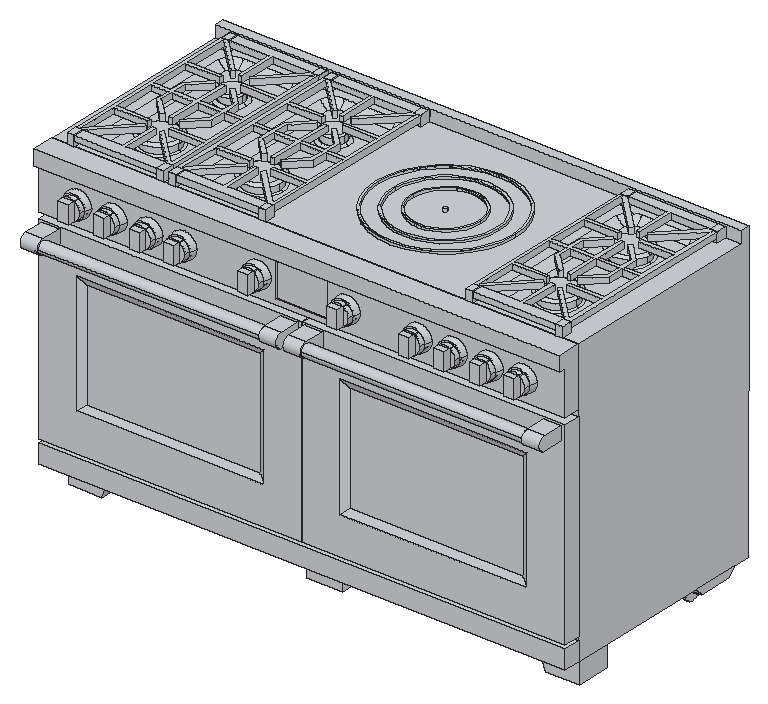
Revit family "DF60650F_S_P", category Generic Models, Revit 2020
Family settings
  Can host rebar = No
  Round Connector Dimension = Use Diameter
  Part Type = Normal
  Work Plane-Based = No
  Always vertical = Yes
  Cut with Voids When Loaded = No
  Shared = No
  Room Calculation Point = No
Parameters
  Default Elevation = 0' - 0"
Reference planes (in)
  plane 1 "Center (Front/Back)": y = 0
  plane 2: z = 0
  plane 3 "Center (Left/Right)": x = 0
Forms (in)
  Extrusion 1, solid
    sketch origin (0, 0, 0) x (0, 1, 0) y (0, 0, 1)
      loop
        line (1.88976, 35.59055) -> (-0.70866, 35.59055) -> (-0.70866, 33.89764) -> (0, 33.89764) -> (0, 28.9252) -> (1.88976, 28.9252) -> (1.88976, 35.59055)
    from 0 to 59.88189
  Extrusion 2, solid
    sketch origin (0, 0, 0) x (0, 1, 0) y (0, 0, 1)
      loop
        line (26.14173, 36.9685) -> (25.15748, 36.9685) -> (25.15748, 35.59055) -> (1.9685, 35.59055) -> (1.9685, 3.14961) -> (26.14173, 3.14961) -> (26.14173, 36.9685)
    from 0 to 59.88189
  Extrusion 3, solid
    sketch origin (0, 0, 0) x (0, 1, 0) y (0, 0, 1)
      loop
        line (1.9685, 5.31496) -> (0, 5.31496) -> (0, 3.14961) -> (1.9685, 3.14961) -> (1.9685, 5.31496)
    from 0 to 59.88189
  Extrusion 4, solid
    sketch origin (0, 0, 0) x (0, 1, 0) y (0, 0, 1)
      loop
        line (0, 28.18898) -> (0, 5.70866) -> (1.9685, 5.70866) -> (1.9685, 28.18898) -> (0, 28.18898)
    from 0 to 29.94095
  Extrusion 5, solid
    sketch origin (0, 0, 0) x (0, 1, 0) y (0, 0, 1)
      loop
        line (0, 26.41732) -> (0, 27.99213) -> (-2.3622, 27.99213)
        arc (-2.3622, 27.99213) -> (-3.14961, 27.20472) -> (-2.3622, 26.41732) r 0.7874
        line (-2.3622, 26.41732) -> (0, 26.41732)
    from 0.40557 to 2.36419
  Extrusion 6, solid
    sketch origin (26.75, 0, 0) x (0, 1, 0) y (0, 0, 1)
      loop
        line (0, 26.41732) -> (0, 27.99213) -> (-2.3622, 27.99213)
        arc (-2.3622, 27.99213) -> (-3.14961, 27.20472) -> (-2.3622, 26.41732) r 0.7874
        line (-2.3622, 26.41732) -> (0, 26.41732)
    from 0.82874 to 2.76772
  Extrusion 7, solid
    sketch origin (0, 0, 0) x (0, 1, 0) y (0, 0, 1)
      loop
        circle (-2.41707, 27.24489) r 0.66649
    from 1.8261 to 27.57874
  Extrusion 8, solid
    sketch origin (0, 0, 0) x (1, 0, 0) y (0, 0, 1)
      loop
        line (0.84646, 3.14961) -> (0.84646, 0) -> (4.66535, 0) -> (5.90551, 3.14961) -> (0.84646, 3.14961)
    from -7.02923 to -3.18791
  Extrusion 9, solid
    sketch origin (30, 0, 0) x (1, 0, 0) y (0, 0, 1)
      loop
        line (23.97638, 3.14961) -> (25.21654, 0) -> (29.03543, 0) -> (29.03543, 3.14961) -> (23.97638, 3.14961)
    from -7.02923 to -3.18791
  Extrusion 10, solid
    sketch origin (0, 0, 0) x (0, 1, 0) y (0, 0, 1)
      loop
        line (24.17323, 3.14961) -> (18.66142, 3.14961) -> (19.45248, 2.27893) -> (23.38927, 2.27893) -> (24.17323, 3.14961)
    from 0 to 4.72441
  Extrusion 11, solid
    sketch origin (0, 0, 0) x (0, 1, 0) y (0, 0, 1)
      loop
        line (22.5954, 2.27893) -> (20.23924, 2.27893) -> (21.02362, 1.10236) -> (21.81102, 1.10236) -> (22.5954, 2.27893)
    from 1.5748 to 3.93701
  Extrusion 12, solid
    sketch origin (0, 0, 0) x (0, 1, 0) y (0, 0, 1)
      loop
        circle (21.41732, 1.10236) r 1.1236
    from 2.55906 to 2.95276
  Extrusion 13, solid
    sketch origin (55.15748, 0, 0) x (0, 1, 0) y (0, 0, 1)
      loop
        line (24.17323, 3.14961) -> (18.66142, 3.14961) -> (19.45248, 2.27893) -> (23.38927, 2.27893) -> (24.17323, 3.14961)
    from 0 to 4.72441
  Extrusion 14, solid
    sketch origin (54.3731, 0, 0) x (0, 1, 0) y (0, 0, 1)
      loop
        line (22.5954, 2.27893) -> (20.23924, 2.27893) -> (21.02362, 1.10236) -> (21.81102, 1.10236) -> (22.5954, 2.27893)
    from 1.5748 to 3.93701
  Extrusion 15, solid
    sketch origin (54.3731, 0, 0) x (0, 1, 0) y (0, 0, 1)
      loop
        circle (21.41732, 1.10236) r 1.1236
    from 2.55906 to 2.95276
  Blend 16, solid
    base sketch origin (0.90551, 0, 0) x (1, 0, 0) y (0, 0, 1)
      loop
        circle (3.62205, 31.31299) r 1.45314
    top sketch origin (0.90551, 0, 0) x (1, 0, 0) y (0, 0, 1)
      loop
        circle (3.62205, 31.31299) r 1.33532
    from 0 to 0.7874
  Extrusion 17, solid
    sketch origin (0.90551, 0, 0) x (1, 0, 0) y (0, 0, 1)
      loop
        circle (3.62205, 31.31299) r 1.21601
    from 0 to 1.37795
  Extrusion 18, solid
    sketch origin (0.90551, 0, 0) x (1, 0, 0) y (0, 0, 1)
      loop
        line (3.0315, 32.37598) -> (3.0315, 30.29013) -> (4.2126, 30.29013) -> (4.2126, 32.37598) -> (3.0315, 32.37598)
    from 0 to 2.15573
  Blend 19, solid, not visible
    base sketch origin (0, 0, 0) x (1, 0, 0) y (0, 0, 1)
      loop
        circle (3.62205, 31.31299) r 1.45314
    top sketch origin (0, 0, 0) x (1, 0, 0) y (0, 0, 1)
      loop
        circle (3.62205, 31.31299) r 1.33532
    from 0 to 0.7874
  Extrusion 20, solid, not visible
    sketch origin (0, 0, 0) x (1, 0, 0) y (0, 0, 1)
      loop
        circle (3.62205, 31.31299) r 1.21601
    from 0 to 1.37795
  Extrusion 21, solid, not visible
    sketch origin (0, 0, 0) x (1, 0, 0) y (0, 0, 1)
      loop
        line (3.0315, 32.37598) -> (3.0315, 30.29013) -> (4.2126, 30.29013) -> (4.2126, 32.37598) -> (3.0315, 32.37598)
    from 0 to 2.15573
  Blend 22, solid
    base sketch origin (4.92126, 0, 0) x (1, 0, 0) y (0, 0, 1)
      loop
        circle (3.62205, 31.31299) r 1.45314
    top sketch origin (4.92126, 0, 0) x (1, 0, 0) y (0, 0, 1)
      loop
        circle (3.62205, 31.31299) r 1.33532
    from 0 to 0.7874
  Extrusion 23, solid
    sketch origin (4.92126, 0, 0) x (1, 0, 0) y (0, 0, 1)
      loop
        circle (3.62205, 31.31299) r 1.21601
    from 0 to 1.37795
  Extrusion 24, solid
    sketch origin (4.92126, 0, 0) x (1, 0, 0) y (0, 0, 1)
      loop
        line (3.0315, 32.37598) -> (3.0315, 30.29013) -> (4.2126, 30.29013) -> (4.2126, 32.37598) -> (3.0315, 32.37598)
    from 0 to 2.15573
  Blend 25, solid
    base sketch origin (9.00306, 0, 0) x (1, 0, 0) y (0, 0, 1)
      loop
        circle (3.62205, 31.31299) r 1.45314
    top sketch origin (9.00306, 0, 0) x (1, 0, 0) y (0, 0, 1)
      loop
        circle (3.62205, 31.31299) r 1.33532
    from 0 to 0.7874
  Extrusion 26, solid
    sketch origin (9.00306, 0, 0) x (1, 0, 0) y (0, 0, 1)
      loop
        circle (3.62205, 31.31299) r 1.21601
    from 0 to 1.37795
  Extrusion 27, solid
    sketch origin (9.00306, 0, 0) x (1, 0, 0) y (0, 0, 1)
      loop
        line (3.0315, 32.37598) -> (3.0315, 30.29013) -> (4.2126, 30.29013) -> (4.2126, 32.37598) -> (3.0315, 32.37598)
    from 0 to 2.15573
  Blend 28, solid
    base sketch origin (12.87907, 0, 0) x (1, 0, 0) y (0, 0, 1)
      loop
        circle (3.62205, 31.31299) r 1.45314
    top sketch origin (12.87907, 0, 0) x (1, 0, 0) y (0, 0, 1)
      loop
        circle (3.62205, 31.31299) r 1.33532
    from 0 to 0.7874
  Extrusion 29, solid
    sketch origin (12.87907, 0, 0) x (1, 0, 0) y (0, 0, 1)
      loop
        circle (3.62205, 31.31299) r 1.21601
    from 0 to 1.37795
  Extrusion 30, solid
    sketch origin (12.87907, 0, 0) x (1, 0, 0) y (0, 0, 1)
      loop
        line (3.0315, 32.37598) -> (3.0315, 30.29013) -> (4.2126, 30.29013) -> (4.2126, 32.37598) -> (3.0315, 32.37598)
    from 0 to 2.15573
  Blend 31, solid
    base sketch origin (21.34072, 0, 0) x (1, 0, 0) y (0, 0, 1)
      loop
        circle (3.62205, 31.31299) r 1.45314
    top sketch origin (21.34072, 0, 0) x (1, 0, 0) y (0, 0, 1)
      loop
        circle (3.62205, 31.31299) r 1.33532
    from 0 to 0.7874
  Extrusion 32, solid
    sketch origin (21.34072, 0, 0) x (1, 0, 0) y (0, 0, 1)
      loop
        circle (3.62205, 31.31299) r 1.21601
    from 0 to 1.37795
  Extrusion 33, solid
    sketch origin (21.34072, 0, 0) x (1, 0, 0) y (0, 0, 1)
      loop
        line (3.0315, 32.37598) -> (3.0315, 30.29013) -> (4.2126, 30.29013) -> (4.2126, 32.37598) -> (3.0315, 32.37598)
    from 0 to 2.15573
  Extrusion 34, void
    sketch origin (0, 0, 0) x (1, 0, 0) y (0, 0, 1)
      loop
        line (32.92469, 33.47638) -> (26.96054, 33.47638) -> (26.96054, 29.46063) -> (32.92469, 29.46063) -> (32.92469, 33.47638)
    from -0.22861 to 12
  Blend 35, void
    base sketch origin (0, 0, 0) x (1, 0, 0) y (0, 0, 1)
      loop
        line (5.09843, 23.05118) -> (5.09843, 10.84646) -> (24.83268, 10.84646) -> (24.83268, 23.05118) -> (5.09843, 23.05118)
    top sketch origin (0, 0, 0) x (1, 0, 0) y (0, 0, 1)
      loop
        line (25.62008, 23.83858) -> (4.31102, 23.83858) -> (4.31102, 10.05905) -> (25.62008, 10.05905) -> (25.62008, 23.83858)
    from -0.3937 to 0
  Blend 36, void
    base sketch origin (0.17716, 0, 0) x (1, 0, 0) y (0, 1, 0)
      loop
        arc (4.14855, 22.95276) -> (3.56747, 22.71206) -> (3.32677, 22.13098) r 0.82178
        line (3.32677, 22.13098) -> (3.32677, 4.8769)
        arc (3.32677, 4.8769) -> (3.56747, 4.29581) -> (4.14855, 4.05512) r 0.82178
        line (4.14855, 4.05512) -> (9.98531, 4.05512)
        arc (9.98531, 4.05512) -> (10.56639, 4.29581) -> (10.80709, 4.8769) r 0.82178
        line (10.80709, 4.8769) -> (10.80709, 22.13098)
        arc (10.80709, 22.13098) -> (10.56639, 22.71206) -> (9.98531, 22.95276) r 0.82178
        line (9.98531, 22.95276) -> (4.14855, 22.95276)
    top sketch origin (0.17716, 0, 0) x (1, 0, 0) y (0, 1, 0)
      loop
        arc (4.12346, 23.74016) -> (2.98272, 23.26764) -> (2.5102, 22.1269) r 1.61326
        line (2.5102, 22.1269) -> (2.5102, 4.8769)
        arc (2.5102, 4.8769) -> (2.98101, 3.74026) -> (4.11765, 3.26945) r 1.60744
        line (4.11765, 3.26945) -> (10.0306, 3.26945)
        arc (10.0306, 3.26945) -> (11.13644, 3.7275) -> (11.59449, 4.83334) r 1.56388
        line (11.59449, 4.83334) -> (11.59449, 22.13098)
        arc (11.59449, 22.13098) -> (11.12317, 23.26884) -> (9.98531, 23.74016) r 1.60918
        line (9.98531, 23.74016) -> (4.12346, 23.74016)
    from 34.80848 to 35.59055
  Extrusion 37, solid
    sketch origin (0.17716, 0, 0) x (1, 0, 0) y (0, 1, 0)
      loop
        line (1.55512, 25.15748) -> (1.55512, 1.88976) -> (12.57874, 1.88976) -> (12.57874, 25.15748) -> (1.55512, 25.15748)
      loop
        line (2.22659, 23.93701) -> (6.25887, 19.90473) -> (5.97639, 19.62225) -> (1.94342, 23.65522) -> (1.94342, 18.58268) -> (5.88583, 18.58268) -> (5.88583, 18.18898) -> (1.94342, 18.18898) -> (1.94342, 13.70079) -> (3.91732, 13.70079) -> (3.91732, 15.35713) -> (5.94192, 17.38172) -> (6.22031, 17.10333) -> (4.31102, 15.19405) -> (4.31102, 13.70079) -> (6.87008, 13.70079) -> (6.87008, 17.27886) -> (7.26545, 17.27886) -> (7.26545, 13.70079) -> (9.82036, 13.70079) -> (9.82036, 15.19738) -> (7.91548, 17.10225) -> (8.19345, 17.38021) -> (10.21654, 15.35713) -> (10.21654, 13.70079) -> (12.18504, 13.70079) -> (12.18504, 18.18898) -> (8.24803, 18.18898) -> (8.24803, 18.58268) -> (12.18504, 18.58268) -> (12.18504, 23.65908) -> (8.15161, 19.62565) -> (7.86344, 19.91382) -> (11.88664, 23.93701) -> (7.26378, 23.93701) -> (7.26378, 19.6063) -> (6.87008, 19.6063) -> (6.87008, 23.93701) -> (2.22659, 23.93701)
      loop
        line (9.82036, 11.79288) -> (9.82036, 13.30709) -> (7.26545, 13.30709) -> (7.26545, 9.74409) -> (6.87008, 9.74409) -> (6.87008, 13.30709) -> (4.31102, 13.30709) -> (4.31102, 11.81382) -> (6.22187, 9.90297) -> (5.94348, 9.62459) -> (3.91732, 11.65075) -> (3.91732, 13.31073) -> (1.94342, 13.31073) -> (1.94342, 8.38583) -> (5.88583, 8.38583) -> (5.88583, 7.99213) -> (1.94342, 7.99213) -> (1.94342, 3.37305) -> (5.97438, 7.40401) -> (6.26736, 7.11102) -> (2.22655, 3.07021) -> (6.86986, 3.07021) -> (6.86986, 7.40401) -> (7.26545, 7.40401) -> (7.26545, 3.07021) -> (11.90457, 3.07021) -> (7.84812, 7.12666) -> (8.11918, 7.39772) -> (12.18504, 3.33186) -> (12.18504, 7.99213) -> (8.24803, 7.99213) -> (8.24803, 8.38583) -> (12.18504, 8.38583) -> (12.18504, 13.30709) -> (10.21654, 13.30709) -> (10.21654, 11.65075) -> (8.19038, 9.62459) -> (7.92122, 9.89374) -> (9.82036, 11.79288)
    from 36.10253 to 36.77165
  Extrusion 38, solid
    sketch origin (0.17716, 0, 0) x (1, 0, 0) y (0, 1, 0)
      loop
        line (11.79134, 3.07021) -> (11.79134, 1.88976) -> (12.57874, 1.88976) -> (12.57874, 3.07021) -> (11.79134, 3.07021)
      loop
        line (12.57874, 25.11811) -> (11.79134, 25.11811) -> (11.79134, 23.93701) -> (12.57874, 23.93701) -> (12.57874, 25.11811)
      loop
        line (1.55512, 25.11811) -> (1.55512, 23.93701) -> (2.34252, 23.93701) -> (2.34252, 25.11811) -> (1.55512, 25.11811)
      loop
        line (2.34252, 3.07021) -> (1.55512, 3.07021) -> (1.55512, 1.88976) -> (2.34252, 1.88976) -> (2.34252, 3.07021)
    from 35.59055 to 36.77165
  Extrusion 39, solid
    sketch origin (45.5315, 0, 0) x (1, 0, 0) y (0, 1, 0)
      loop
        line (11.79134, 3.07021) -> (11.79134, 1.88976) -> (12.57874, 1.88976) -> (12.57874, 3.07021) -> (11.79134, 3.07021)
      loop
        line (12.57874, 25.11811) -> (11.79134, 25.11811) -> (11.79134, 23.93701) -> (12.57874, 23.93701) -> (12.57874, 25.11811)
      loop
        line (1.55512, 25.11811) -> (1.55512, 23.93701) -> (2.34252, 23.93701) -> (2.34252, 25.11811) -> (1.55512, 25.11811)
      loop
        line (2.34252, 3.07021) -> (1.55512, 3.07021) -> (1.55512, 1.88976) -> (2.34252, 1.88976) -> (2.34252, 3.07021)
    from 35.59055 to 36.77165
  Blend 40, solid
    base sketch origin (0.17716, 0, 0) x (1, 0, 0) y (0, 1, 0)
      loop
        circle (7.09071, 18.35456) r 1.75898
    top sketch origin (0.17716, 0, 0) x (1, 0, 0) y (0, 1, 0)
      loop
        circle (7.09071, 18.35456) r 1.42487
    from 34.80848 to 34.99711
  Blend 41, solid
    base sketch origin (0.17716, -10.19685, 0) x (1, 0, 0) y (0, 1, 0)
      loop
        circle (7.09071, 18.35456) r 2.38325
    top sketch origin (0.17716, -10.19685, 0) x (1, 0, 0) y (0, 1, 0)
      loop
        circle (7.09071, 18.35456) r 2
    from 34.80848 to 34.99711
  Extrusion 42, solid
    sketch origin (0.17716, 0, 0) x (1, 0, 0) y (0, 1, 0)
      loop
        circle (7.10752, 18.34098) r 1.28657
    from 34.80848 to 35.7874
  Extrusion 43, solid
    sketch origin (0.17716, -10.19685, 0) x (1, 0, 0) y (0, 1, 0)
      loop
        circle (7.10752, 18.34098) r 2.08832
    from 34.80848 to 35.7874
  Blend 44, solid
    base sketch origin (0.17716, 0, 0.97892) x (1, 0, 0) y (0, 1, 0)
      loop
        circle (7.09071, 18.35456) r 1.42487
    top sketch origin (0.17716, 0, 0.97892) x (1, 0, 0) y (0, 1, 0)
      loop
        circle (7.09071, 18.35456) r 1.25
    from 34.80848 to 34.99711
  Blend 45, solid
    base sketch origin (0.17716, -10.19685, 0.97892) x (1, 0, 0) y (0, 1, 0)
      loop
        circle (7.09071, 18.35456) r 2.38325
    top sketch origin (0.17716, -10.19685, 0.97892) x (1, 0, 0) y (0, 1, 0)
      loop
        circle (7.09071, 18.35456) r 2
    from 34.80848 to 34.99711
  Extrusion 46, solid
    sketch origin (27.97244, 0, 0) x (0, 1, 0) y (0, 0, 1)
      loop
        line (24.17323, 3.14961) -> (18.66142, 3.14961) -> (19.45248, 2.27893) -> (23.38927, 2.27893) -> (24.17323, 3.14961)
    from -0.7874 to 4.72441
  Extrusion 47, solid
    sketch origin (27.18504, 0, 0) x (0, 1, 0) y (0, 0, 1)
      loop
        line (22.5954, 2.27893) -> (20.23924, 2.27893) -> (21.02362, 1.10236) -> (21.81102, 1.10236) -> (22.5954, 2.27893)
    from 1.5748 to 3.93701
  Extrusion 48, solid
    sketch origin (27.18504, 0, 0) x (0, 1, 0) y (0, 0, 1)
      loop
        circle (21.41732, 1.10236) r 1.1236
    from 2.55906 to 2.95276
  Extrusion 49, solid
    sketch origin (12.14567, 0, 0) x (1, 0, 0) y (0, 0, 1)
      loop
        line (15.82677, 0) -> (19.96063, 0) -> (19.96063, 3.14961) -> (15.82677, 3.14961) -> (15.82677, 0)
    from -7.02923 to -3.18791
  Extrusion 50, solid
    sketch origin (30, 0, 0) x (0, 1, 0) y (0, 0, 1)
      loop
        line (0, 28.18898) -> (0, 5.70866) -> (1.9685, 5.70866) -> (1.9685, 28.18898) -> (0, 28.18898)
    from -0.05905 to 29.88189
  Blend 51, void
    base sketch origin (30, 0, 0) x (1, 0, 0) y (0, 0, 1)
      loop
        line (5.04921, 23.05118) -> (5.04921, 10.84646) -> (24.77362, 10.84646) -> (24.77362, 23.05118) -> (5.04921, 23.05118)
    top sketch origin (30, 0, 0) x (1, 0, 0) y (0, 0, 1)
      loop
        line (25.56103, 23.83858) -> (4.26181, 23.83858) -> (4.26181, 10.05905) -> (25.56103, 10.05905) -> (25.56103, 23.83858)
    from -0.3937 to 0
  Extrusion 52, solid
    sketch origin (30.06421, 0, 0) x (0, 1, 0) y (0, 0, 1)
      loop
        line (0, 26.41732) -> (0, 27.99213) -> (-2.3622, 27.99213)
        arc (-2.3622, 27.99213) -> (-3.14961, 27.20472) -> (-2.3622, 26.41732) r 0.7874
        line (-2.3622, 26.41732) -> (0, 26.41732)
    from 0.27044 to 2.23894
  Extrusion 53, solid
    sketch origin (56.81421, 0, 0) x (0, 1, 0) y (0, 0, 1)
      loop
        line (0, 26.41732) -> (0, 27.99213) -> (-2.3622, 27.99213)
        arc (-2.3622, 27.99213) -> (-3.14961, 27.20472) -> (-2.3622, 26.41732) r 0.7874
        line (-2.3622, 26.41732) -> (0, 26.41732)
    from 0.7132 to 2.67398
  Extrusion 54, solid
    sketch origin (30.06421, 0, 0) x (0, 1, 0) y (0, 0, 1)
      loop
        circle (-2.41707, 27.24489) r 0.66649
    from 1.91641 to 27.4632
  Blend 55, solid
    base sketch origin (31.48989, 0, 0) x (1, 0, 0) y (0, 0, 1)
      loop
        circle (3.62205, 31.31299) r 1.45314
    top sketch origin (31.48989, 0, 0) x (1, 0, 0) y (0, 0, 1)
      loop
        circle (3.62205, 31.31299) r 1.33532
    from 0 to 0.7874
  Extrusion 56, solid
    sketch origin (31.48989, 0, 0) x (1, 0, 0) y (0, 0, 1)
      loop
        circle (3.62205, 31.31299) r 1.21601
    from 0 to 1.37795
  Extrusion 57, solid
    sketch origin (31.48989, 0, 0) x (1, 0, 0) y (0, 0, 1)
      loop
        line (3.0315, 32.37598) -> (3.0315, 30.29013) -> (4.2126, 30.29013) -> (4.2126, 32.37598) -> (3.0315, 32.37598)
    from 0 to 2.15573
  Blend 58, void, not visible
    base sketch origin (-0.55118, 0, 0) x (1, 0, 0) y (0, 1, 0)
      loop
        arc (4.14855, 22.95276) -> (3.56747, 22.71206) -> (3.32677, 22.13098) r 0.82178
        line (3.32677, 22.13098) -> (3.32677, 4.8769)
        arc (3.32677, 4.8769) -> (3.56747, 4.29581) -> (4.14855, 4.05512) r 0.82178
        line (4.14855, 4.05512) -> (9.98531, 4.05512)
        arc (9.98531, 4.05512) -> (10.56639, 4.29581) -> (10.80709, 4.8769) r 0.82178
        line (10.80709, 4.8769) -> (10.80709, 22.13098)
        arc (10.80709, 22.13098) -> (10.56639, 22.71206) -> (9.98531, 22.95276) r 0.82178
        line (9.98531, 22.95276) -> (4.14855, 22.95276)
    top sketch origin (-0.55118, 0, 0) x (1, 0, 0) y (0, 1, 0)
      loop
        arc (4.12346, 23.74016) -> (2.98272, 23.26764) -> (2.5102, 22.1269) r 1.61326
        line (2.5102, 22.1269) -> (2.5102, 4.8769)
        arc (2.5102, 4.8769) -> (2.98101, 3.74026) -> (4.11765, 3.26945) r 1.60744
        line (4.11765, 3.26945) -> (10.0306, 3.26945)
        arc (10.0306, 3.26945) -> (11.13644, 3.7275) -> (11.59449, 4.83334) r 1.56388
        line (11.59449, 4.83334) -> (11.59449, 22.13098)
        arc (11.59449, 22.13098) -> (11.12317, 23.26884) -> (9.98531, 23.74016) r 1.60918
        line (9.98531, 23.74016) -> (4.12346, 23.74016)
    from 34.80848 to 35.59055
  Extrusion 59, solid, not visible
    sketch origin (-0.55118, 0, 0) x (1, 0, 0) y (0, 1, 0)
      loop
        line (1.55512, 25.15748) -> (1.55512, 1.88976) -> (12.57874, 1.88976) -> (12.57874, 25.15748) -> (1.55512, 25.15748)
      loop
        line (2.22659, 23.93701) -> (6.25887, 19.90473) -> (5.97639, 19.62225) -> (1.94342, 23.65522) -> (1.94342, 18.58268) -> (5.88583, 18.58268) -> (5.88583, 18.18898) -> (1.94342, 18.18898) -> (1.94342, 13.70079) -> (3.91732, 13.70079) -> (3.91732, 15.35713) -> (5.94192, 17.38172) -> (6.22031, 17.10333) -> (4.31102, 15.19405) -> (4.31102, 13.70079) -> (6.87008, 13.70079) -> (6.87008, 17.27886) -> (7.26545, 17.27886) -> (7.26545, 13.70079) -> (9.82036, 13.70079) -> (9.82036, 15.19738) -> (7.91548, 17.10225) -> (8.19345, 17.38021) -> (10.21654, 15.35713) -> (10.21654, 13.70079) -> (12.18504, 13.70079) -> (12.18504, 18.18898) -> (8.24803, 18.18898) -> (8.24803, 18.58268) -> (12.18504, 18.58268) -> (12.18504, 23.65908) -> (8.15161, 19.62565) -> (7.86344, 19.91382) -> (11.88664, 23.93701) -> (7.26378, 23.93701) -> (7.26378, 19.6063) -> (6.87008, 19.6063) -> (6.87008, 23.93701) -> (2.22659, 23.93701)
      loop
        line (9.82036, 11.79288) -> (9.82036, 13.30709) -> (7.26545, 13.30709) -> (7.26545, 9.74409) -> (6.87008, 9.74409) -> (6.87008, 13.30709) -> (4.31102, 13.30709) -> (4.31102, 11.81382) -> (6.22187, 9.90297) -> (5.94348, 9.62459) -> (3.91732, 11.65075) -> (3.91732, 13.31073) -> (1.94342, 13.31073) -> (1.94342, 8.38583) -> (5.88583, 8.38583) -> (5.88583, 7.99213) -> (1.94342, 7.99213) -> (1.94342, 3.37305) -> (5.97438, 7.40401) -> (6.26736, 7.11102) -> (2.22655, 3.07021) -> (6.86986, 3.07021) -> (6.86986, 7.40401) -> (7.26545, 7.40401) -> (7.26545, 3.07021) -> (11.90457, 3.07021) -> (7.84812, 7.12666) -> (8.11918, 7.39772) -> (12.18504, 3.33186) -> (12.18504, 7.99213) -> (8.24803, 7.99213) -> (8.24803, 8.38583) -> (12.18504, 8.38583) -> (12.18504, 13.30709) -> (10.21654, 13.30709) -> (10.21654, 11.65075) -> (8.19038, 9.62459) -> (7.92122, 9.89374) -> (9.82036, 11.79288)
    from 36.10253 to 36.77165
  Extrusion 60, solid, not visible
    sketch origin (-0.55118, 0, 0) x (1, 0, 0) y (0, 1, 0)
      loop
        line (11.79134, 3.07021) -> (11.79134, 1.88976) -> (12.57874, 1.88976) -> (12.57874, 3.07021) -> (11.79134, 3.07021)
      loop
        line (12.57874, 25.11811) -> (11.79134, 25.11811) -> (11.79134, 23.93701) -> (12.57874, 23.93701) -> (12.57874, 25.11811)
      loop
        line (1.55512, 25.11811) -> (1.55512, 23.93701) -> (2.34252, 23.93701) -> (2.34252, 25.11811) -> (1.55512, 25.11811)
      loop
        line (2.34252, 3.07021) -> (1.55512, 3.07021) -> (1.55512, 1.88976) -> (2.34252, 1.88976) -> (2.34252, 3.07021)
    from 35.59055 to 36.77165
  Blend 61, solid, not visible
    base sketch origin (-0.55118, 0, 0) x (1, 0, 0) y (0, 1, 0)
      loop
        circle (7.09071, 18.35456) r 1.75898
    top sketch origin (-0.55118, 0, 0) x (1, 0, 0) y (0, 1, 0)
      loop
        circle (7.09071, 18.35456) r 1.42487
    from 34.80848 to 34.99711
  Blend 62, solid, not visible
    base sketch origin (-0.55118, -10.19685, 0) x (1, 0, 0) y (0, 1, 0)
      loop
        circle (7.09071, 18.35456) r 2.38325
    top sketch origin (-0.55118, -10.19685, 0) x (1, 0, 0) y (0, 1, 0)
      loop
        circle (7.09071, 18.35456) r 2
    from 34.80848 to 34.99711
  Extrusion 63, solid, not visible
    sketch origin (-0.55118, 0, 0) x (1, 0, 0) y (0, 1, 0)
      loop
        circle (7.10752, 18.34098) r 1.28657
    from 34.80848 to 35.7874
  Extrusion 64, solid, not visible
    sketch origin (-0.55118, -10.19685, 0) x (1, 0, 0) y (0, 1, 0)
      loop
        circle (7.10752, 18.34098) r 2.08832
    from 34.80848 to 35.7874
  Blend 65, solid, not visible
    base sketch origin (-0.55118, 0, 0.97892) x (1, 0, 0) y (0, 1, 0)
      loop
        circle (7.09071, 18.35456) r 1.42487
    top sketch origin (-0.55118, 0, 0.97892) x (1, 0, 0) y (0, 1, 0)
      loop
        circle (7.09071, 18.35456) r 1.25
    from 34.80848 to 34.99711
  Blend 66, solid, not visible
    base sketch origin (-0.55118, -10.19685, 0.97892) x (1, 0, 0) y (0, 1, 0)
      loop
        circle (7.09071, 18.35456) r 2.38325
    top sketch origin (-0.55118, -10.19685, 0.97892) x (1, 0, 0) y (0, 1, 0)
      loop
        circle (7.09071, 18.35456) r 2
    from 34.80848 to 34.99711
  Blend 67, solid
    base sketch origin (39.65551, 0, 0) x (1, 0, 0) y (0, 0, 1)
      loop
        circle (3.62205, 31.31299) r 1.45314
    top sketch origin (39.65551, 0, 0) x (1, 0, 0) y (0, 0, 1)
      loop
        circle (3.62205, 31.31299) r 1.33532
    from 0 to 0.7874
  Extrusion 68, solid
    sketch origin (39.65551, 0, 0) x (1, 0, 0) y (0, 0, 1)
      loop
        circle (3.62205, 31.31299) r 1.21601
    from 0 to 1.37795
  Extrusion 69, solid
    sketch origin (39.65551, 0, 0) x (1, 0, 0) y (0, 0, 1)
      loop
        line (3.0315, 32.37598) -> (3.0315, 30.29013) -> (4.2126, 30.29013) -> (4.2126, 32.37598) -> (3.0315, 32.37598)
    from 0 to 2.15573
  Blend 70, solid
    base sketch origin (43.67126, 0, 0) x (1, 0, 0) y (0, 0, 1)
      loop
        circle (3.62205, 31.31299) r 1.45314
    top sketch origin (43.67126, 0, 0) x (1, 0, 0) y (0, 0, 1)
      loop
        circle (3.62205, 31.31299) r 1.33532
    from 0 to 0.7874
  Extrusion 71, solid
    sketch origin (43.67126, 0, 0) x (1, 0, 0) y (0, 0, 1)
      loop
        circle (3.62205, 31.31299) r 1.21601
    from 0 to 1.37795
  Extrusion 72, solid
    sketch origin (43.67126, 0, 0) x (1, 0, 0) y (0, 0, 1)
      loop
        line (3.0315, 32.37598) -> (3.0315, 30.29013) -> (4.2126, 30.29013) -> (4.2126, 32.37598) -> (3.0315, 32.37598)
    from 0 to 2.15573
  Blend 73, solid
    base sketch origin (47.75306, 0, 0) x (1, 0, 0) y (0, 0, 1)
      loop
        circle (3.62205, 31.31299) r 1.45314
    top sketch origin (47.75306, 0, 0) x (1, 0, 0) y (0, 0, 1)
      loop
        circle (3.62205, 31.31299) r 1.33532
    from 0 to 0.7874
  Extrusion 74, solid
    sketch origin (47.75306, 0, 0) x (1, 0, 0) y (0, 0, 1)
      loop
        circle (3.62205, 31.31299) r 1.21601
    from 0 to 1.37795
  Extrusion 75, solid
    sketch origin (47.75306, 0, 0) x (1, 0, 0) y (0, 0, 1)
      loop
        line (3.0315, 32.37598) -> (3.0315, 30.29013) -> (4.2126, 30.29013) -> (4.2126, 32.37598) -> (3.0315, 32.37598)
    from 0 to 2.15573
  Blend 76, solid
    base sketch origin (51.62907, 0, 0) x (1, 0, 0) y (0, 0, 1)
      loop
        circle (3.62205, 31.31299) r 1.45314
    top sketch origin (51.62907, 0, 0) x (1, 0, 0) y (0, 0, 1)
      loop
        circle (3.62205, 31.31299) r 1.33532
    from 0 to 0.7874
  Extrusion 77, solid
    sketch origin (51.62907, 0, 0) x (1, 0, 0) y (0, 0, 1)
      loop
        circle (3.62205, 31.31299) r 1.21601
    from 0 to 1.37795
  Extrusion 78, solid
    sketch origin (51.62907, 0, 0) x (1, 0, 0) y (0, 0, 1)
      loop
        line (3.0315, 32.37598) -> (3.0315, 30.29013) -> (4.2126, 30.29013) -> (4.2126, 32.37598) -> (3.0315, 32.37598)
    from 0 to 2.15573
  Extrusion 79, solid
    sketch origin (11.76772, 0, 0) x (1, 0, 0) y (0, 1, 0)
      loop
        line (1.55512, 25.15748) -> (1.55512, 1.88976) -> (12.57874, 1.88976) -> (12.57874, 25.15748) -> (1.55512, 25.15748)
      loop
        line (2.22659, 23.93701) -> (6.25887, 19.90473) -> (5.97639, 19.62225) -> (1.94342, 23.65522) -> (1.94342, 18.58268) -> (5.88583, 18.58268) -> (5.88583, 18.18898) -> (1.94342, 18.18898) -> (1.94342, 13.70079) -> (3.91732, 13.70079) -> (3.91732, 15.35713) -> (5.94192, 17.38172) -> (6.22031, 17.10333) -> (4.31102, 15.19405) -> (4.31102, 13.70079) -> (6.87008, 13.70079) -> (6.87008, 17.27886) -> (7.26545, 17.27886) -> (7.26545, 13.70079) -> (9.82036, 13.70079) -> (9.82036, 15.19738) -> (7.91548, 17.10225) -> (8.19345, 17.38021) -> (10.21654, 15.35713) -> (10.21654, 13.70079) -> (12.18504, 13.70079) -> (12.18504, 18.18898) -> (8.24803, 18.18898) -> (8.24803, 18.58268) -> (12.18504, 18.58268) -> (12.18504, 23.65908) -> (8.15161, 19.62565) -> (7.86344, 19.91382) -> (11.88664, 23.93701) -> (7.26378, 23.93701) -> (7.26378, 19.6063) -> (6.87008, 19.6063) -> (6.87008, 23.93701) -> (2.22659, 23.93701)
      loop
        line (9.82036, 11.79288) -> (9.82036, 13.30709) -> (7.26545, 13.30709) -> (7.26545, 9.74409) -> (6.87008, 9.74409) -> (6.87008, 13.30709) -> (4.31102, 13.30709) -> (4.31102, 11.81382) -> (6.22187, 9.90297) -> (5.94348, 9.62459) -> (3.91732, 11.65075) -> (3.91732, 13.31073) -> (1.94342, 13.31073) -> (1.94342, 8.38583) -> (5.88583, 8.38583) -> (5.88583, 7.99213) -> (1.94342, 7.99213) -> (1.94342, 3.37305) -> (5.97438, 7.40401) -> (6.26736, 7.11102) -> (2.22655, 3.07021) -> (6.86986, 3.07021) -> (6.86986, 7.40401) -> (7.26545, 7.40401) -> (7.26545, 3.07021) -> (11.90457, 3.07021) -> (7.84812, 7.12666) -> (8.11918, 7.39772) -> (12.18504, 3.33186) -> (12.18504, 7.99213) -> (8.24803, 7.99213) -> (8.24803, 8.38583) -> (12.18504, 8.38583) -> (12.18504, 13.30709) -> (10.21654, 13.30709) -> (10.21654, 11.65075) -> (8.19038, 9.62459) -> (7.92122, 9.89374) -> (9.82036, 11.79288)
    from 36.10253 to 36.77165
  Extrusion 80, solid
    sketch origin (11.76772, 0, 0) x (1, 0, 0) y (0, 1, 0)
      loop
        line (11.79134, 3.07021) -> (11.79134, 1.88976) -> (12.57874, 1.88976) -> (12.57874, 3.07021) -> (11.79134, 3.07021)
      loop
        line (12.57874, 25.11811) -> (11.79134, 25.11811) -> (11.79134, 23.93701) -> (12.57874, 23.93701) -> (12.57874, 25.11811)
      loop
        line (1.55512, 25.11811) -> (1.55512, 23.93701) -> (2.34252, 23.93701) -> (2.34252, 25.11811) -> (1.55512, 25.11811)
      loop
        line (2.34252, 3.07021) -> (1.55512, 3.07021) -> (1.55512, 1.88976) -> (2.34252, 1.88976) -> (2.34252, 3.07021)
    from 35.59055 to 36.77165
  Blend 81, solid
    base sketch origin (11.76772, 0, 0) x (1, 0, 0) y (0, 1, 0)
      loop
        circle (7.09071, 18.35456) r 1.75898
    top sketch origin (11.76772, 0, 0) x (1, 0, 0) y (0, 1, 0)
      loop
        circle (7.09071, 18.35456) r 1.42487
    from 34.80848 to 34.99711
  Blend 82, solid
    base sketch origin (11.76772, -10.19685, 0) x (1, 0, 0) y (0, 1, 0)
      loop
        circle (7.09071, 18.35456) r 2.38325
    top sketch origin (11.76772, -10.19685, 0) x (1, 0, 0) y (0, 1, 0)
      loop
        circle (7.09071, 18.35456) r 2
    from 34.80848 to 34.99711
  Extrusion 83, solid
    sketch origin (11.76772, 0, 0) x (1, 0, 0) y (0, 1, 0)
      loop
        circle (7.10752, 18.34098) r 1.28657
    from 34.80848 to 35.7874
  Extrusion 84, solid
    sketch origin (11.76772, -10.19685, 0) x (1, 0, 0) y (0, 1, 0)
      loop
        circle (7.10752, 18.34098) r 2.08832
    from 34.80848 to 35.7874
  Blend 85, solid
    base sketch origin (11.76772, 0, 0.97892) x (1, 0, 0) y (0, 1, 0)
      loop
        circle (7.09071, 18.35456) r 1.42487
    top sketch origin (11.76772, 0, 0.97892) x (1, 0, 0) y (0, 1, 0)
      loop
        circle (7.09071, 18.35456) r 1.25
    from 34.80848 to 34.99711
  Blend 86, solid
    base sketch origin (11.76772, -10.19685, 0.97892) x (1, 0, 0) y (0, 1, 0)
      loop
        circle (7.09071, 18.35456) r 2.38325
    top sketch origin (11.76772, -10.19685, 0.97892) x (1, 0, 0) y (0, 1, 0)
      loop
        circle (7.09071, 18.35456) r 2
    from 34.80848 to 34.99711
  Blend 87, void
    base sketch origin (11.76772, 0, 0) x (1, 0, 0) y (0, 1, 0)
      loop
        arc (4.14855, 22.95276) -> (3.56747, 22.71206) -> (3.32677, 22.13098) r 0.82178
        line (3.32677, 22.13098) -> (3.32677, 4.8769)
        arc (3.32677, 4.8769) -> (3.56747, 4.29581) -> (4.14855, 4.05512) r 0.82178
        line (4.14855, 4.05512) -> (9.98531, 4.05512)
        arc (9.98531, 4.05512) -> (10.56639, 4.29581) -> (10.80709, 4.8769) r 0.82178
        line (10.80709, 4.8769) -> (10.80709, 22.13098)
        arc (10.80709, 22.13098) -> (10.56639, 22.71206) -> (9.98531, 22.95276) r 0.82178
        line (9.98531, 22.95276) -> (4.14855, 22.95276)
    top sketch origin (11.76772, 0, 0) x (1, 0, 0) y (0, 1, 0)
      loop
        arc (4.12346, 23.74016) -> (2.98272, 23.26764) -> (2.5102, 22.1269) r 1.61326
        line (2.5102, 22.1269) -> (2.5102, 4.8769)
        arc (2.5102, 4.8769) -> (2.98101, 3.74026) -> (4.11765, 3.26945) r 1.60744
        line (4.11765, 3.26945) -> (10.0306, 3.26945)
        arc (10.0306, 3.26945) -> (11.13644, 3.7275) -> (11.59449, 4.83334) r 1.56388
        line (11.59449, 4.83334) -> (11.59449, 22.13098)
        arc (11.59449, 22.13098) -> (11.12317, 23.26884) -> (9.98531, 23.74016) r 1.60918
        line (9.98531, 23.74016) -> (4.12346, 23.74016)
    from 34.80848 to 35.59055
  Extrusion 88, solid
    sketch origin (45.5315, 0, 0) x (1, 0, 0) y (0, 1, 0)
      loop
        line (1.55512, 25.15748) -> (1.55512, 1.88976) -> (12.57874, 1.88976) -> (12.57874, 25.15748) -> (1.55512, 25.15748)
      loop
        line (2.22659, 23.93701) -> (6.25887, 19.90473) -> (5.97639, 19.62225) -> (1.94342, 23.65522) -> (1.94342, 18.58268) -> (5.88583, 18.58268) -> (5.88583, 18.18898) -> (1.94342, 18.18898) -> (1.94342, 13.70079) -> (3.91732, 13.70079) -> (3.91732, 15.35713) -> (5.94192, 17.38172) -> (6.22031, 17.10333) -> (4.31102, 15.19405) -> (4.31102, 13.70079) -> (6.87008, 13.70079) -> (6.87008, 17.27886) -> (7.26545, 17.27886) -> (7.26545, 13.70079) -> (9.82036, 13.70079) -> (9.82036, 15.19738) -> (7.91548, 17.10225) -> (8.19345, 17.38021) -> (10.21654, 15.35713) -> (10.21654, 13.70079) -> (12.18504, 13.70079) -> (12.18504, 18.18898) -> (8.24803, 18.18898) -> (8.24803, 18.58268) -> (12.18504, 18.58268) -> (12.18504, 23.65908) -> (8.15161, 19.62565) -> (7.86344, 19.91382) -> (11.88664, 23.93701) -> (7.26378, 23.93701) -> (7.26378, 19.6063) -> (6.87008, 19.6063) -> (6.87008, 23.93701) -> (2.22659, 23.93701)
      loop
        line (9.82036, 11.79288) -> (9.82036, 13.30709) -> (7.26545, 13.30709) -> (7.26545, 9.74409) -> (6.87008, 9.74409) -> (6.87008, 13.30709) -> (4.31102, 13.30709) -> (4.31102, 11.81382) -> (6.22187, 9.90297) -> (5.94348, 9.62459) -> (3.91732, 11.65075) -> (3.91732, 13.31073) -> (1.94342, 13.31073) -> (1.94342, 8.38583) -> (5.88583, 8.38583) -> (5.88583, 7.99213) -> (1.94342, 7.99213) -> (1.94342, 3.37305) -> (5.97438, 7.40401) -> (6.26736, 7.11102) -> (2.22655, 3.07021) -> (6.86986, 3.07021) -> (6.86986, 7.40401) -> (7.26545, 7.40401) -> (7.26545, 3.07021) -> (11.90457, 3.07021) -> (7.84812, 7.12666) -> (8.11918, 7.39772) -> (12.18504, 3.33186) -> (12.18504, 7.99213) -> (8.24803, 7.99213) -> (8.24803, 8.38583) -> (12.18504, 8.38583) -> (12.18504, 13.30709) -> (10.21654, 13.30709) -> (10.21654, 11.65075) -> (8.19038, 9.62459) -> (7.92122, 9.89374) -> (9.82036, 11.79288)
    from 36.10253 to 36.77165
  Blend 89, solid
    base sketch origin (45.5315, 0, 0) x (1, 0, 0) y (0, 1, 0)
      loop
        circle (7.09071, 18.35456) r 2.38325
    top sketch origin (45.5315, 0, 0) x (1, 0, 0) y (0, 1, 0)
      loop
        circle (7.09071, 18.35456) r 2
    from 34.80848 to 34.99711
  Extrusion 90, solid
    sketch origin (45.5315, 0, 0) x (1, 0, 0) y (0, 1, 0)
      loop
        circle (7.10752, 18.34098) r 2.08832
    from 34.80848 to 35.7874
  Blend 91, solid
    base sketch origin (45.5315, 0, 0.97892) x (1, 0, 0) y (0, 1, 0)
      loop
        circle (7.09071, 18.35456) r 2.38325
    top sketch origin (45.5315, 0, 0.97892) x (1, 0, 0) y (0, 1, 0)
      loop
        circle (7.09071, 18.35456) r 2
    from 34.80848 to 34.99711
  Blend 92, solid
    base sketch origin (45.5315, -10.19685, 0) x (1, 0, 0) y (0, 1, 0)
      loop
        circle (7.09071, 18.35456) r 2.38325
    top sketch origin (45.5315, -10.19685, 0) x (1, 0, 0) y (0, 1, 0)
      loop
        circle (7.09071, 18.35456) r 2
    from 34.80848 to 34.99711
  Extrusion 93, solid
    sketch origin (45.5315, -10.19685, 0) x (1, 0, 0) y (0, 1, 0)
      loop
        circle (7.10752, 18.34098) r 2.08832
    from 34.80848 to 35.7874
  Blend 94, solid
    base sketch origin (45.5315, -10.19685, 0.97892) x (1, 0, 0) y (0, 1, 0)
      loop
        circle (7.09071, 18.35456) r 2.38325
    top sketch origin (45.5315, -10.19685, 0.97892) x (1, 0, 0) y (0, 1, 0)
      loop
        circle (7.09071, 18.35456) r 2
    from 34.80848 to 34.99711
  Blend 95, void
    base sketch origin (45.5315, 0, 0) x (1, 0, 0) y (0, 1, 0)
      loop
        arc (4.14855, 22.95276) -> (3.56747, 22.71206) -> (3.32677, 22.13098) r 0.82178
        line (3.32677, 22.13098) -> (3.32677, 4.8769)
        arc (3.32677, 4.8769) -> (3.56747, 4.29581) -> (4.14855, 4.05512) r 0.82178
        line (4.14855, 4.05512) -> (9.98531, 4.05512)
        arc (9.98531, 4.05512) -> (10.56639, 4.29581) -> (10.80709, 4.8769) r 0.82178
        line (10.80709, 4.8769) -> (10.80709, 22.13098)
        arc (10.80709, 22.13098) -> (10.56639, 22.71206) -> (9.98531, 22.95276) r 0.82178
        line (9.98531, 22.95276) -> (4.14855, 22.95276)
    top sketch origin (45.5315, 0, 0) x (1, 0, 0) y (0, 1, 0)
      loop
        arc (4.12346, 23.74016) -> (2.98272, 23.26764) -> (2.5102, 22.1269) r 1.61326
        line (2.5102, 22.1269) -> (2.5102, 4.8769)
        arc (2.5102, 4.8769) -> (2.98101, 3.74026) -> (4.11765, 3.26945) r 1.60744
        line (4.11765, 3.26945) -> (10.0306, 3.26945)
        arc (10.0306, 3.26945) -> (11.13644, 3.7275) -> (11.59449, 4.83334) r 1.56388
        line (11.59449, 4.83334) -> (11.59449, 22.13098)
        arc (11.59449, 22.13098) -> (11.12317, 23.26884) -> (9.98531, 23.74016) r 1.60918
        line (9.98531, 23.74016) -> (4.12346, 23.74016)
    from 34.80848 to 35.59055
  Extrusion 96, solid
    sketch origin (0, 0, 0) x (1, 0, 0) y (0, 1, 0)
      loop
        circle (35.53394, 13.48685) r 0.21278
      loop
        circle (35.53394, 13.48685) r 3.936
      loop
        circle (35.53394, 13.48685) r 3.75
      loop
        circle (35.53394, 13.48685) r 6
      loop
        circle (35.53394, 13.48685) r 5.75
      loop
        circle (35.53394, 13.48685) r 7.89755
      loop
        circle (35.53394, 13.48685) r 7.67112
    from 35.59055 to 35.82677
Cuts and joins
  Extrusion 34 cuts Extrusion 1
  Blend 35, Blend 51 cuts Extrusion 4
  Blend 36, Blend 87, Blend 95 cuts Extrusion 2
  Blend 36 cuts Extrusion 8
  Blend 36 cuts Extrusion 10
  Blend 36 cuts Extrusion 11
  Blend 51 cuts Extrusion 50
Dimensions and locks (in)
  aligned and locked: plane 2 to level
